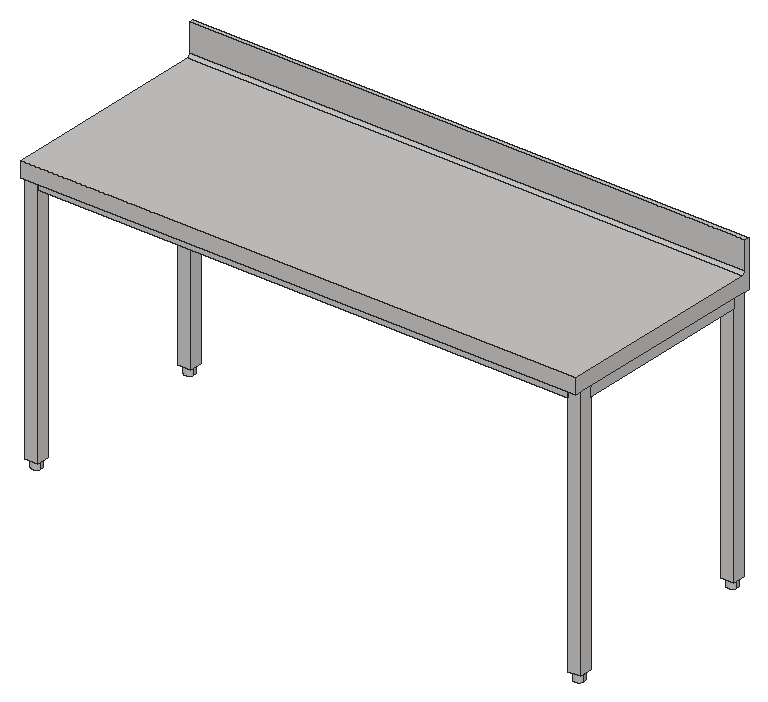
Revit family "QF_ELECTROLUXPROFESSIONAL_134019_GTG1810E", category Attrezzature speciali, Revit 2020
Family settings
  Quota connettore circolare = Usa diametro
  Tipo di parte = Normale
  Basato su piano di lavoro = No
  Sempre verticale = Sì
  Taglio con vuoti quando caricato = No
  Condiviso = No
  Punto di calcolo locali = No
Parameters (values of type "Standard")
  Weight = 52.50 kg
  Watts = 0 W
  Volts = 0 V
  URL Manufacturer = "https://www.electroluxprofessional.com/"
  URL = "https://www.electroluxprofessional.com/"
  Steam Supply Size = 0 mm
  Steam Supply Minimum Pressure = 0.0 Pa
  Steam Supply Maximum Pressure = 0.0 Pa
  Steam Consumption per Hour = 0
  Refrigeration Suction Line Size = 0.0 mm
  Refrigeration Liquid Line Size = 0.0 mm
  Refrigerant Compressor Remote = yes
  Prospetto di default = 0.0 mm
  Produttore = "Electrolux Professional"
  Phase = 0
  Modello = "GTG1810E"
  Length Actual = 1800.0 mm  # constant formula
  Item Number = "134019"
  Hot Water Size = 0 mm
  Height Actual = 1000.0 mm  # constant formula
  HP = "0 HP"
  Gas Size = 0 mm
  Gas KW = 0
  Gas Input Pressure = 0 W
  Direct Waste Size = 0 mm
  Descrizione = "WORK TABLE WITH UPSTAND 1800 MM"
  Depth Actual = 700.0 mm  # constant formula
  Cycle = 0 Hz
  Condensate Return Size = 0 mm
  Compressed Air Volume = 0.0 L/s
  Compressed Air Size = 0 mm
  Compressed Air Pressure = 0.0 Pa
  Cold Water Size = 0 mm
  Accessory = yes
Reference planes
  plane 1 "Center (Front/Back)": y = 0
  plane 2: z = 0
  plane 3 "Center (Left/Right)": x = -400
  plane 4 "LEFT": x = -1300
  plane 5 "RIGHT": x = 500
  plane 6 "BACK": y = 350
  plane 7 "FRONT": y = -350
  plane 8 "Base": z = 850
  plane 9 "TOP": z = 900
  plane 10: x = -1280
  plane 11: x = 480
  plane 12: y = 310
  plane 13: y = -310
  plane 14 "TRAVERSI": z = 820
  plane 15: x = -1260
  plane 16: x = 460
  plane 17: y = 290
  plane 18: y = -290
  plane 19: y = 330
  plane 20: y = -330
Forms (mm)
  Extrusion 1, solid, material "QF_Finishes_Stainless Steel"
    sketch origin (-400, 0, 0) x (0, 1, 0) y (0, 0, 1)
      loop
        line (-350, 850) -> (350, 850) -> (350, 1000) -> (337, 1000) -> (337, 910)
        arc (337, 910) -> (334.071, 902.929) -> (327, 900) r 10
        line (327, 900) -> (-350, 900) -> (-350, 850)
    from 900 to -900
  Extrusion 2, solid, material "QF_Finishes_Stainless Steel"
    sketch origin (0, 0, 820) x (0, 1, 0) y (-1, 0, 0)
      loop
        line (290, -460) -> (-290, -460) -> (-290, -500) -> (290, -500) -> (290, -460)
      loop
        line (290, 1300) -> (-290, 1300) -> (-290, 1260) -> (290, 1260) -> (290, 1300)
    from 0 to 30
  Extrusion 3, solid, material "QF_Finishes_Stainless Steel"
    sketch origin (0, 0, 820) x (0, 1, 0) y (-1, 0, 0)
      loop
        line (330, -460) -> (330, 1260) -> (290, 1260) -> (290, -460) -> (330, -460)
      loop
        line (-290, 1260) -> (-330, 1260) -> (-330, -460) -> (-290, -460) -> (-290, 1260)
    from 0 to 30
Lines and regions (mm)
  symbolic lines
    curve 1: line (500, 350, 900) -> (-1300, 350, 900)
    curve 2: line (-1300, 350, 900) -> (-1300, -350, 900)
    curve 3: line (-1300, -350, 900) -> (500, -350, 900)
    curve 4: line (500, -350, 900) -> (500, 350, 900)
    curve 5: line (-1300, 337, 820) -> (500, 337, 820)
Dimensions and locks
  plane 4 "LEFT" to plane 5 "RIGHT" = 1800.0 mm
  equal spacing: plane 4 "LEFT", plane 3 "Center (Left/Right)", plane 5 "RIGHT"
  plane 4 "LEFT" to plane 10 = 20.0 mm
  plane 11 to plane 5 "RIGHT" = 20.0 mm
  plane 10 to plane 11 = 1760.0 mm
  plane 6 "BACK" to plane 12 = 40.0 mm
  plane 13 to plane 7 "FRONT" = 40.0 mm
  plane 6 "BACK" to plane 7 "FRONT" = 700.0 mm
  plane 12 to plane 13 = 620.0 mm
  equal spacing: plane 6 "BACK", plane 1 "Center (Front/Back)", plane 7 "FRONT"
  plane 8 "Base" to plane 14 "TRAVERSI" = 30.0 mm
  locked: plane 10 to plane 15 at 20
  locked: plane 16 to plane 11 at 20
  locked: plane 19 to plane 12 at 20
  locked: plane 12 to plane 17 at 20
  locked: plane 18 to plane 13 at 20
  locked: plane 13 to plane 20 at 20
  locked: plane 8 "Base" to level at 850
  locked: Extrusion 1 to level at 1000
  aligned and locked: level to plane 2
  aligned and locked: plane 10 to nested 1
  aligned and locked: nested 1 to plane 13
  aligned and locked: plane 11 to nested 2
  aligned and locked: nested 2 to plane 13
  aligned and locked: plane 11 to nested 4
  aligned and locked: nested 4 to plane 12
  aligned and locked: plane 10 to nested 3
  aligned and locked: nested 3 to plane 12
  aligned and locked: Extrusion 1 to plane 4 "LEFT"
  aligned and locked: plane 5 "RIGHT" to Extrusion 1
  aligned and locked: curve 2 to plane 4 "LEFT"
  aligned and locked: Extrusion 2 sketch curve to plane 5 "RIGHT"
  aligned and locked: Extrusion 2 sketch curve to plane 17  (x2)
  aligned and locked: plane 16 to Extrusion 2 sketch curve
  aligned and locked: plane 18 to Extrusion 2 sketch curve  (x2)
  aligned and locked: plane 4 "LEFT" to Extrusion 2 sketch curve
  aligned and locked: Extrusion 2 sketch curve to plane 15
  aligned and locked: plane 19 to Extrusion 3 sketch curve
  aligned and locked: Extrusion 3 sketch curve to plane 17
  aligned and locked: Extrusion 3 sketch curve to plane 18
  aligned and locked: plane 20 to Extrusion 3 sketch curve
  aligned and locked: Extrusion 3 sketch curve to plane 15
  aligned and locked: plane 15 to Extrusion 3 sketch curve
  aligned and locked: plane 16 to Extrusion 3 sketch curve
  aligned and locked: Extrusion 3 sketch curve to plane 16
  aligned and locked: curve 5 to Extrusion 1
Automatic sketch dimensions
  curve 3 to plane 7 "FRONT" = 0.0 mm
  curve 4 to plane 6 "BACK" = 0.0 mm
  curve 4 to plane 5 "RIGHT" = 0.0 mm
  Extrusion 1 sketch curve to plane 7 "FRONT" = 0.0 mm
  Extrusion 1 sketch curve to plane 9 "TOP" = 0.0 mm
  Extrusion 1 sketch curve to plane 6 "BACK" = 0.0 mm
  Extrusion 1 sketch curve to plane 8 "Base" = 0.0 mm
  Extrusion 1 sketch curve to plane 19 = 3.0 mm
  plane 19 to Extrusion 1 sketch curve = 7.0 mm
  Extrusion 1 sketch curve to Extrusion 1 sketch curve = 90.0 mm
  curve 5 to plane 5 "RIGHT" = 0.0 mm
  curve 5 to plane 4 "LEFT" = 0.0 mm
Nested families
  nested 1: "FEET_40x40_R" at (-1280, -310, 0), type "FEET_40x40_R"
  nested 2: "FEET_40x40_R" at (480, -310, 0), type "FEET_40x40_R"
  nested 3: "FEET_40x40_R" at (-1280, 310, 0), type "FEET_40x40_R"
  nested 4: "FEET_40x40_R" at (480, 310, 0), type "FEET_40x40_R"
Definition of nested family "FEET_40x40_R"
  Parameters
    Default Elevation = 0.0 mm
    FEET = 850.0 mm
  Reference planes
    plane 1 "Center (Front/Back)": y = 0
    plane 2: z = 0
    plane 3 "Center (Left/Right)": x = 0
    plane 4: z = 850
  Forms (mm)
    Extrusion 1, solid
      sketch origin (0, 0, 0) x (1, 0, 0) y (0, 1, 0)
        loop
          line (-20, -20) -> (20, -20) -> (20, 20) -> (-20, 20) -> (-20, -20)
      from 25 to 850
    Extrusion 2, solid
      sketch origin (0, 0, 0) x (1, 0, 0) y (0, 1, 0)
        loop
          circle (0, 0) r 16
      from 0 to 25
  Lines and regions (mm)
    symbolic lines
      curve 1: line (0, -1.503, 0) -> (0, 1.508, 0)
      curve 2: line (1.561, 0, 0) -> (-1.439, 0, 0)
  Dimensions and locks
    "FEET": plane 4 to plane 2
    aligned and locked: level to plane 2
  Automatic sketch dimensions
    Extrusion 1 sketch curve to plane 3 "Center (Left/Right)" = 20.0 mm
    plane 3 "Center (Left/Right)" to Extrusion 1 sketch curve = 20.0 mm
    plane 1 "Center (Front/Back)" to Extrusion 1 sketch curve = 20.0 mm
    Extrusion 1 sketch curve to plane 1 "Center (Front/Back)" = 20.0 mm
    plane 1 "Center (Front/Back)" to Extrusion 2 sketch curve = 0.0 mm
    Extrusion 2 sketch curve to plane 3 "Center (Left/Right)" = 0.0 mm
    plane 1 "Center (Front/Back)" to curve 2 = 0.0 mm
    curve 1 to plane 3 "Center (Left/Right)" = 0.0 mm
    curve 2 to plane 3 "Center (Left/Right)" = 1.439 mm
    plane 3 "Center (Left/Right)" to curve 2 = 1.561 mm
    plane 1 "Center (Front/Back)" to curve 1 = 1.503 mm
    curve 1 to plane 1 "Center (Front/Back)" = 1.508 mm
    radius of Extrusion 2 sketch curve = 16.0 mm
